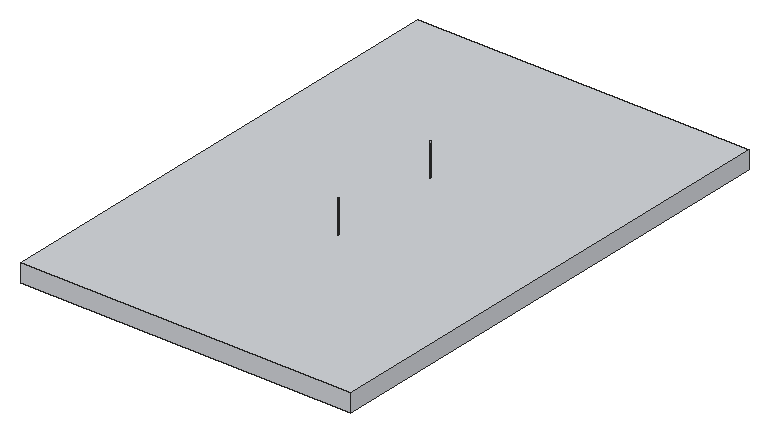
Revit family "V-LENSESxx102xxSIxx", category Leuchten, Revit 2020
Family settings
  Basisbauteil = Fläche
  Bemaßung runder Anschluss = Durchmesser verwenden
  Teiletyp = Normal
  OmniClass-Nummer = 23.80.70.11
  OmniClass-Titel = Luminaries for Internal Lighting
  Beim Laden mit Abzugskörper schneiden = Nein
  Lichtquelle = Ja
  Gemeinsam genutzt = Nein
  Raumberechnungspunkt = Nein
Parameters (values of type "V-LENSES-DI102-7DASI840B0550")
  width = 113 mm  # constant formula
  weight = "2,8"
  voltage type (AC, DC, UC) = "AC"
  suspension hight [instance] = 200 mm
  rated input power = 32
  product name = "V-LENSES-DI102-7DASI840B0550"
  nominal voltage = "230"
  nominal frequency = "50-60Hz"
  length = 1024 mm  # constant formula
  ingress protection (IP) code = "IP20"
  height = 83 mm  # constant formula
  electrical safety class = "1"
  control gear = ""
  conformity mark = "CE"  # constant formula
  brand = "RIDI"
  approval mark = ""
  built-in parameter 1150104 = 13.8 (stored number, unit not read)
  Wattage = 34.6367 W
  Von Breite des Rechtecks ausssenden = 1018 mm  # constant formula
  Von Länge des Rechtecks aussenden = 111 mm  # constant formula
  Default Elevation = 0 mm
  built-in parameter 1150113 = 1 (stored number, unit not read)
  built-in parameter 1114218 = 1 (stored number, unit not read)
  URL = "www.ridi.de"
  built-in parameter 1150134 = 12
  built-in parameter 1150109 = 1 (stored number, unit not read)
  built-in parameter 1150110 = 1 (stored number, unit not read)
  Apparent Load = 32 VA
  Tilt Angle = 90.00°
  Modell = "1532556SI"
  built-in parameter 1114217 = 1 (stored number, unit not read)
  built-in parameter 1150139 = (empty or 0)
  built-in parameter 1150105 = 2019.8 (stored number, unit not read)
  built-in parameter 1150114 = 1 (stored number, unit not read)
  Lumens = 5145 lm
  built-in parameter 1150115 = 1 (stored number, unit not read)
  built-in parameter 1150112 = 1 (stored number, unit not read)
  Lampe = "LED"
  Hersteller = "RIDI Leuchten GmbH"  # constant formula
  Dimming Lamp Color Temperature Shift = (empty or 0)
  Color Filter = 16777215
  built-in parameter 1150133 = 10 (stored number, unit not read)
  Emit Shape Visible in Rendering = no
  built-in parameter 1150137 = (empty or 0)
  built-in parameter 1150132 = 2
  Datei für fotometrisches Netz = "V-LENSES-DI.IES"
  Copyright = "© RIDI. All rights reserved."  # constant formula
  built-in parameter 1150106 = 20.198 (stored number, unit not read)
  Baugruppenkennzeichen = "D5020200"
  built-in parameter 1150107 = 4000 (stored number, unit not read)
  built-in parameter 1150102 = (empty or 0)
  built-in parameter 1150138 = (empty or 0)
Types (9, lengths in mm): name | weight | rated input power | product name | Wattage | built-in parameter 1150134 | Apparent Load | Modell | built-in parameter 1150105 | Lumens | Datei für fotometrisches Netz | built-in parameter 1150106 | built-in parameter 1150107
  (no name) | "2,8" | 32 | "V-LENSES-DI102-7DASI840B0550" | 34.6367 W | 12 | 32 VA | "1532556SI" | 2019.8 (stored number, unit not read) | 5145 lm | "V-LENSES-DI.IES" | 20.198 (stored number, unit not read) | 4000 (stored number, unit not read)
  V-LENSES-D102-5RFSI830B0400 | "2,6" | 26 | "V-LENSES-D102-5RFSI830B0400\r\nV-LENSES-DI102-7DASW830B0550" | 27.6016 W | (empty or 0) | 26 VA | "1522567SI" | 326.27 (stored number, unit not read) | 4100 lm | "V-LENSES-D.IES" | 3.2627 (stored number, unit not read) | 3000 (stored number, unit not read)
  V-LENSES-D102-5RFSI840B0450 | "2,6" | 26 | "V-LENSES-D102-5RFSI840B0450\r\nV-LENSES-DI102-7DASW830B0550" | 28.948 W | 12 | 26 VA | "1522559SI" | 342.18 (stored number, unit not read) | 4300 lm | "V-LENSES-D.IES" | 3.4218 (stored number, unit not read) | 4000 (stored number, unit not read)
  V-LENSES-D102-7DASI830B0350 | "2,6" | 22 | "V-LENSES-D102-7DASI830B0350\r\nV-LENSES-DI102-7DASW830B0550" | 23.6297 W | (empty or 0) | 22 VA | "1532563SI" | 279.32 (stored number, unit not read) | 3510 lm | "V-LENSES-D.IES" | 2.7932 (stored number, unit not read) | 3000 (stored number, unit not read)
  V-LENSES-D102-7DASI840B0350 | "2,6" | 22 | "V-LENSES-D102-7DASI840B0350\r\nV-LENSES-D102-7DASI840B0350" | 24.7068 W | (empty or 0) | 22 VA | "1532555SI" | 292.05 (stored number, unit not read) | 3670 lm | "V-LENSES-D.IES" | 2.9205 (stored number, unit not read) | 3000 (stored number, unit not read)
  V-LENSES-DI102-5RFSI830B0550 | "2,8" | 37 | "V-LENSES-DI102-5RFSI830B0550" | 37.0266 W | (empty or 0) | 37 VA | "1522568SI" | 3001.4 (stored number, unit not read) | 5500 lm | "V-LENSES-DI.IES" | 30.014 (stored number, unit not read) | 3000 (stored number, unit not read)
  V-LENSES-DI102-5RFSI840B0600 | "2,8" | 37 | "V-LENSES-DI102-5RFSI840B0600" | 39.0462 W | 12 | 37 VA | "1522560SI" | 3165.1 (stored number, unit not read) | 5800 lm | "V-LENSES-DI.IES" | 31.651 (stored number, unit not read) | 4000 (stored number, unit not read)
  V-LENSES-DI102-7DASI830B0550 | "2,8" | 32 | "V-LENSES-DI102-7DASI830B0550" | 33.1556 W | (empty or 0) | 32 VA | "1532564SI" | 1933.4 (stored number, unit not read) | 4925 lm | "V-LENSES-DI.IES" | 19.334 (stored number, unit not read) | 3000 (stored number, unit not read)
  V-LENSES-DI102-7DASI840B0550 | "2,8" | 32 | "V-LENSES-DI102-7DASI840B0550" | 34.6367 W | 12 | 32 VA | "1532556SI" | 2019.8 (stored number, unit not read) | 5145 lm | "V-LENSES-DI.IES" | 20.198 (stored number, unit not read) | 4000 (stored number, unit not read)
Reference planes
  plane 1 "Mitte (Vorne/hinten)": y = 0
  plane 2: z = 0
  plane 3 "Mitte (Links/rechts)": x = 0
  plane 4: z = 200
Forms (mm)
  Extrusion 1, solid
    sketch origin (219.2, 280.8, 0) x (1, 0, 0) y (0, 1, 0)
      loop
        line (-1219.2, 1219.2) -> (-1219.2, -1780.8) -> (780.8, -1780.8) -> (780.8, 1219.2) -> (-1219.2, 1219.2)
    from 0 to -107.307
  Extrusion 2, solid
    sketch origin (0, 0, 0) x (1, 0, 0) y (0, 1, 0)
      loop
        circle (0, -350) r 2
      loop
        circle (0, 350) r 2
    from 0 to 200.372
Dimensions and locks
  "suspension hight": plane 4 to Extrusion 1
  locked: plane 1 "Mitte (Vorne/hinten)" to Extrusion 2 sketch curve at 350
  locked: Extrusion 2 sketch curve to plane 1 "Mitte (Vorne/hinten)" at 350
  locked: plane 1 "Mitte (Vorne/hinten)" to Extrusion 2 at 350
  locked: Extrusion 2 to plane 1 "Mitte (Vorne/hinten)" at 350
  locked: imposter light to plane 4 at 82.5
  aligned and locked: plane 2 to Extrusion 1
  aligned and locked: imposter light to plane 3 "Mitte (Links/rechts)"
  aligned and locked: import instance to Extrusion 2
  aligned and locked: import instance to plane 4
Automatic sketch dimensions
  Extrusion 1 sketch curve to Extrusion 1 sketch curve = 2000 mm
  Extrusion 1 sketch curve to Extrusion 1 sketch curve = 3000 mm
  Extrusion 2 sketch curve to plane 3 "Mitte (Links/rechts)" = 0 mm  (x2)
  radius of Extrusion 2 sketch curve = 2 mm  (x2)
Connectors
  electrical at (0, -350, 200.372), driven by "Apparent Load"
    settings: on Extrusion 2, index 1, voltage 230 V, apparent load 0 VA, apparent load phase1 32 VA, apparent load phase2 0 VA, apparent load phase3 0 VA, power factor 1, load classification "Lighting", number of poles 1, system type 31, power factor state 1, is connector primary yes, connector utility no, sub classification motor no, connector description ""
